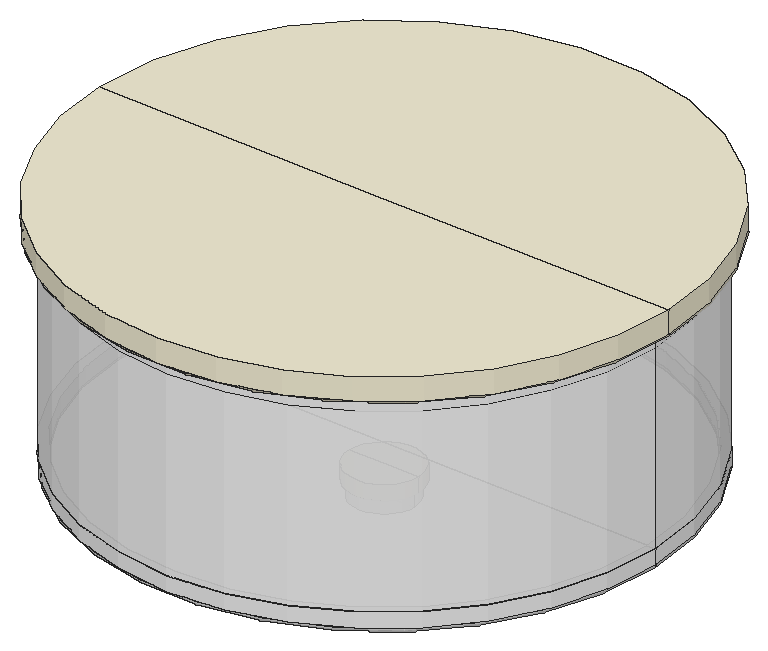
Revit family "3-695-xx - Echo Ceiling Mount", category Luminarias, Revit 2021
Family settings
  Anfitrión = Techo
  Cota de conector redondo = Diámetro de uso
  Tipo de pieza = Normal
  Número OmniClass = 23.80.70.11
  Título OmniClass = Luminaries for Internal Lighting
  Siempre vertical = Sí
  Corte con vacíos al cargar = No
  Origen de luz = Sí
  Compartido = No
  Punto de cálculo de habitación = No
Parameters (values of type "3-695-24 / Satin Nickel - Grass Shade")
  Ángulo de inclinación = 90.00°  # constant formula
  Elevación por defecto = 0 mm
  Comentarios de vataje = "2 x 10.1 W at 120 V"  # constant formula
  Wattage = 26.6 W
  built-in parameter 1150110 = 1 (stored number, unit not read)
  Voltage Input = "120 V or 277 V - 50/60 Hz"  # constant formula
  Voltage = 120 V
  URL = "www.oxygenlighting.com"
  built-in parameter 1114217 = 1 (stored number, unit not read)
  built-in parameter 1150109 = 1 (stored number, unit not read)
  built-in parameter 1150134 = (empty or 0)
  built-in parameter 1150113 = 1 (stored number, unit not read)
  References = "Ref. 3 = 120 V / Ref. 37 = 277 V"  # constant formula
  Modelo = "3-695-xx / Echo Ceiling Mount"  # constant formula
  Metal Finish = 24 - Satin Nickel
  Fabricante = "Oxygen Lighting and Fans"  # constant formula
  Lumens = 1404.48 lm
  built-in parameter 1150115 = 1 (stored number, unit not read)
  built-in parameter 1150105 = 111.76 (stored number, unit not read)
  built-in parameter 1150137 = (empty or 0)
  built-in parameter 1150139 = (empty or 0)
  built-in parameter 1150112 = 1 (stored number, unit not read)
  built-in parameter 1150114 = 1 (stored number, unit not read)
  Lámpara = "LED Array"  # constant formula
  built-in parameter 1150132 = (empty or 0)
  built-in parameter 1150102 = (empty or 0)
  built-in parameter 1150138 = (empty or 0)
  built-in parameter 1150107 = 3000 (stored number, unit not read)
  built-in parameter 1150106 = 1.1176 (stored number, unit not read)
  built-in parameter 1150104 = 4.9053 (stored number, unit not read)
  Dimming Lamp Color Temperature Shift = (empty or 0)
  Diffuser = Grass Shade
  Color Filter = 16777215
  built-in parameter 1114218 = 1 (stored number, unit not read)
  Archivo de red fotométrica = "3-694 Echo Ceiling.ies"
  built-in parameter 1150133 = 10 (stored number, unit not read)
Reference planes
  plane 1 "Light Source Axis (F/B)": y = 0
  plane 2: z = 0
  plane 3 "Light Source Axis (L/R)": x = 0
  plane 4 "Ceiling": z = 4000
  plane 5 "Light Source Elevation": z = 3856.592
Dimensions and locks
  equal spacing: host sketch curve, plane 3 "Light Source Axis (L/R)", host sketch curve
  equal spacing: host sketch curve, plane 1 "Light Source Axis (F/B)", host sketch curve
  host sketch curve to host sketch curve = 4000 mm  (x2)
  plane 4 "Ceiling" to host ceiling = 0 mm
  aligned and locked: plane 3 "Light Source Axis (L/R)" to imposter light
  aligned and locked: plane 1 "Light Source Axis (F/B)" to imposter light
  aligned and locked: plane 5 "Light Source Elevation" to imposter light
  aligned and locked: plane 3 "Light Source Axis (L/R)" to nested 1
  aligned and locked: plane 1 "Light Source Axis (F/B)" to nested 1
  aligned and locked: plane 4 "Ceiling" to nested 1
  aligned and locked: plane 5 "Light Source Elevation" to nested 1
Nested families
  nested 1: "Family5" at (0, 0, 4000), type "Family5"
Connectors
  electrical at (0, 0, 4000), driven by "Voltage"
    settings: on nested 1, index 1, voltage 120 V, apparent load 0 VA, apparent load phase1 0 VA, apparent load phase2 0 VA, apparent load phase3 0 VA, power factor 1, load classification "Other", number of poles 1, system type 31, power factor state 1, is connector primary yes, connector utility no, sub classification motor no, connector description ""
Definition of nested family "Family5"
  Parameters (values of type "Family5")
    White = none
    Metal Finish = none
    Main Diffuser = none
    Default Elevation = 0 mm
    Clear Acrylic = none
  Reference planes
    plane 1 "Center (Front/Back)": y = 0
    plane 2: z = 0
    plane 3 "Center (Left/Right)": x = 0
  Forms (mm)
    Revolve 1, solid, material <- "Metal Finish"
      sketch origin (0, 0, 0) x (1, 0, 0) y (0, 0, 1)
        loop
          line (0, 0) -> (-186.72, 0) -> (-186.72, -14.522)
          arc (-186.72, -14.522) -> (-186.32, -15.487) -> (-185.355, -15.887) r 1.364
          line (-185.355, -15.887) -> (0, -15.887) -> (0, 0)
        loop
          line (-22.671, -165.22) -> (0, -165.22) -> (0, -155.688) -> (-22.671, -155.688) -> (-22.671, -165.22)
        axis (0, 0) -> (0, -165.22)
      angle from 0 to 360
    Revolve 2, solid, material <- "White"
      sketch origin (0, 0, 0) x (1, 0, 0) y (0, 0, 1)
        loop
          line (-178.035, -15.887) -> (-178.035, -25.085) -> (0, -25.085) -> (0, -15.887) -> (-178.035, -15.887)
        loop
          arc (-178.035, -152.959) -> (-177.517, -154.619) -> (-176.146, -155.688) r 2.916
          line (-176.146, -155.688) -> (-174.467, -155.688)
          arc (-174.467, -155.688) -> (-173.096, -154.619) -> (-172.577, -152.959) r 2.916
          line (-172.577, -152.959) -> (-172.577, -143.408) -> (-178.035, -143.408) -> (-178.035, -152.959)
        axis (0, -15.887) -> (0, -155.688)
      angle from 0 to 360
    Revolve 3, solid, material <- "Main Diffuser"
      sketch origin (0, 0, 0) x (1, 0, 0) y (0, 0, 1)
        loop
          line (-178.035, -25.085) -> (-178.035, -143.408) -> (0, -143.408) -> (0, -25.085) -> (-178.035, -25.085)
        axis (0, -25.085) -> (0, -143.408)
      angle from 0 to 360
    Revolve 4, solid, material <- "Clear Acrylic"
      sketch origin (0, 0, 0) x (1, 0, 0) y (0, 0, 1)
        loop
          line (0, -165.22) -> (-20.047, -165.22) -> (-20.047, -174.752) -> (0, -174.752) -> (0, -165.22)
        axis (0, -165.22) -> (0, -174.752)
      angle from 0 to 360
  Dimensions and locks
    aligned and locked: level to plane 2
